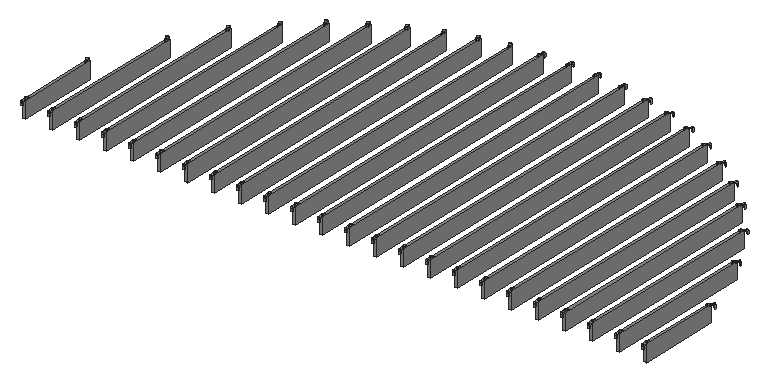
Revit family "Haworth_Pergola_Ceiling_Slat_Radial", category Furniture Systems, Revit 2018
Family settings
  Round Connector Dimension = Use Diameter
  Part Type = Normal
  OmniClass Number = 23.40.70.14.64.21
  OmniClass Title = Systems Furniture
  Work Plane-Based = No
  Always vertical = Yes
  Cut with Voids When Loaded = No
  Shared = No
  Room Calculation Point = No
Parameters (values of type "144w - Full Round")
  Warranty = "http://www.haworth.com/resources/product-info/warranties"
  URL - Product = "https://www.haworth.com/na/en/inspiration/pergola.html"
  URL = "http://www.haworth.com"
  Trim Finish = Haworth _ Paint _ Undecided _ Pergola
  Top Trim Width = 0.500"  # constant formula
  Sustainability Info = "http://www.haworth.com/company-info/sustainablility"
  Standard Radius = "144 in."  # constant formula
  Slat Count = ((Actual Depth - (Ceiling Slat Offset * 2)) / Ceiling Slat Spacing)  # 11
  Slat 9 Width = if([12ft Full Round], 48.734", if([12ft Half Round], 50.686", 14.362"))  # 48.734"
  Slat 8 Width = 54.036"  # constant formula
  Slat 7 Width = 58.202"  # constant formula
  Slat 6 Width = 61.623"  # constant formula
  Slat 5 Width = 64.267"  # constant formula
  Slat 4 Width = 66.290"  # constant formula
  Slat 3 Width = 67.622"  # constant formula
  Slat 2 Width = 68.543"  # constant formula
  Slat 12 Width = if([12ft Full Round], 17.818", if([12ft Half Round], 24.090", 14.362"))  # 17.818"
  Slat 11 Width = if([12ft Full Round], 32.443", if([12ft Half Round], 36.220", 14.362"))  # 32.443"
  Slat 10 Width = if([12ft Full Round], 41.911", if([12ft Half Round], 44.446", 14.362"))  # 41.911"
  Slat 1 Width = if(or([12ft Full Round], [12ft Half Round]), 68.976", 44.988")  # 68.976"
  Model = "Haworth Pergola"  # constant formula
  Min. Depth = 48.000"  # constant formula
  Max. Depth = 144.000"  # constant formula
  Full Round Slats = not([12ft Half Round])  # yes
  12in Slats = or([12ft Full Round], [12ft Half Round])  # yes
  12ft Full Round = yes
  Description = "Haworth - Pergola Ceiling - Slat - Radial"  # constant formula
  Ceiling Slat Spacing = 6.000"  # constant formula
  Ceiling Slat Offset = if(Full Round Slats, 3.000", 5.000")  # 3.000"
  Actual Mounting Height = 95.500" - 3.130"  # 92.370"
  Actual Depth = if([12in Slats], 72.000", 44.000")  # 72.000"
  Size = "Verify Final Dim. w/ Haworth"  # constant formula
  Revision Number = "1"  # constant formula
  Min. Width = 48.000"  # constant formula
  Max. Width = 144.000"  # constant formula
  Min. Height = 96.000"  # constant formula
  Max. Height = 96.000"  # constant formula
  Manufacturer = "Haworth"  # constant formula
  Author = "Haworth (Alias)"  # constant formula
  Assembly Code = "E2020200"
  Actual Width = if([12in Slats], 144.000", 96.000")  # 144.000"
  Actual Height = 3.630"  # constant formula
  12ft Half Round = not([12ft Full Round])  # no
Types (2): name | Slat Count | Slat 9 Width | Slat 12 Width | Slat 11 Width | Slat 10 Width | Full Round Slats | 12ft Full Round | Ceiling Slat Offset | 12ft Half Round
  144w - Full Round | 11 | 48.734" | 17.818" | 32.443" | 41.911" | yes | yes | 3.000" | no
  144w - Half Round | 10 | 50.686" | 24.090" | 36.220" | 44.446" | no | no | 5.000" | yes
Reference planes (in)
  plane 1 "Center F/B": y = -52.705
  plane 2 "Bottom": z = 0
  plane 3 "Center L/R": x = 1.5
  plane 4 "Back": y = -16.705
  plane 5 "Front": y = -88.705
  plane 6 "Right": x = 73.5
  plane 7: x = -70.5
  plane 8 "Glide Top": z = 92.37
  plane 9 "End Slat Left": x = -67.5
  plane 10 "End Slat Right": x = 70.5
  plane 11: x = -43.5
  plane 12: x = -37.5
  plane 13: x = -31.5
  plane 14: x = -25.5
  plane 15: x = -19.5
  plane 16: x = -13.5
  plane 17: x = -7.5
  plane 18: x = -1.5
  plane 19: x = 46.5
  plane 20: x = 40.5
  plane 21: x = 34.5
  plane 22: x = 28.5
  plane 23: x = 22.5
  plane 24: x = 16.5
  plane 25: x = 10.5
  plane 26: x = 4.5
  plane 27: y = -87.899
  plane 28: x = 52.5
  plane 29: x = 58.5
  plane 30: x = 64.5
  plane 31: x = -49.5
  plane 32: x = -55.5
  plane 33: x = -61.5
  plane 34: z = 4.36516
  plane 35: z = 92.37
Dimensions and locks (in)
  locked: plane 4 "Back" to plane 5 "Front" at 72
  equal spacing: plane 7, plane 3 "Center L/R", plane 6 "Right"
  locked: plane 7 to plane 6 "Right" at 144
  "Actual Mounting Height": plane 8 "Glide Top" to level
  equal spacing: plane 4 "Back", plane 1 "Center F/B", plane 5 "Front"
  "Ceiling Slat Offset": plane 9 "End Slat Left" to plane 7
  "Ceiling Slat Offset": plane 10 "End Slat Right" to plane 6 "Right"
  locked: plane 5 "Front" to plane 27 at 0.806
  "Ceiling Slat Spacing": plane 9 "End Slat Left" to plane 33 to plane 32 to plane 31 to plane 11 to plane 12 to plane 13 to plane 14 to plane 15 to plane 16 to plane 17
  "Ceiling Slat Spacing": plane 25 to plane 24 to plane 23 to plane 22 to plane 21 to plane 20 to plane 19 to plane 28 to plane 29 to plane 30 to plane 10 "End Slat Right"
  "Actual Mounting Height": plane 35 to plane 2 "Bottom"
  aligned and locked: level to plane 2 "Bottom"
  aligned and locked: nested 1 to plane 27
  aligned and locked: nested 2 to plane 27
  aligned and locked: nested 3 to plane 27
  aligned and locked: nested 4 to plane 27
  aligned and locked: nested 5 to plane 27
  aligned and locked: nested 6 to plane 27
  aligned and locked: nested 7 to plane 27
  aligned and locked: nested 8 to plane 27
  aligned and locked: nested 9 to plane 27
  aligned and locked: nested 10 to plane 27
  aligned and locked: plane 27 to nested 11
  aligned and locked: plane 27 to nested 12
  aligned and locked: plane 27 to nested 13
  aligned and locked: plane 27 to nested 14
  aligned and locked: plane 27 to nested 15
  aligned and locked: plane 27 to nested 16
  aligned and locked: plane 27 to nested 17
  aligned and locked: plane 27 to nested 18
  aligned and locked: plane 27 to nested 19
  aligned and locked: plane 27 to nested 20
  aligned and locked: nested 24 to plane 27
  aligned and locked: nested 23 to plane 27
  aligned and locked: nested 22 to plane 27
  aligned and locked: nested 21 to plane 27
  aligned and locked: nested 9 to plane 26
  aligned and locked: nested 10 to plane 25
  aligned and locked: nested 11 to plane 24
  aligned and locked: nested 12 to plane 23
  aligned and locked: nested 13 to plane 22
  aligned and locked: nested 14 to plane 21
  aligned and locked: nested 15 to plane 20
  aligned and locked: nested 16 to plane 19
  aligned and locked: nested 17 to plane 28
  aligned and locked: nested 18 to plane 29
  aligned and locked: nested 19 to plane 30
  aligned and locked: plane 10 "End Slat Right" to nested 20
  aligned and locked: nested 24 to plane 9 "End Slat Left"
  aligned and locked: plane 33 to nested 23
  aligned and locked: nested 22 to plane 32
  aligned and locked: nested 21 to plane 31
  aligned and locked: nested 1 to plane 11
  aligned and locked: nested 2 to plane 12
  aligned and locked: nested 3 to plane 13
  aligned and locked: nested 4 to plane 14
  aligned and locked: nested 5 to plane 15
  aligned and locked: nested 6 to plane 16
  aligned and locked: nested 7 to plane 17
  aligned and locked: nested 8 to plane 18
  aligned and locked: nested 24 to plane 35
  aligned and locked: nested 23 to plane 35
  aligned and locked: nested 22 to plane 35
  aligned and locked: nested 21 to plane 35
  aligned and locked: nested 1 to plane 35
  aligned and locked: nested 2 to plane 35
  aligned and locked: nested 3 to plane 35
  aligned and locked: nested 4 to plane 35
  aligned and locked: nested 5 to plane 35
  aligned and locked: nested 6 to plane 35
  aligned and locked: nested 7 to plane 35
  aligned and locked: nested 8 to plane 35
  aligned and locked: nested 9 to plane 35
  aligned and locked: nested 10 to plane 35
  aligned and locked: plane 35 to nested 11
  aligned and locked: plane 35 to nested 12
  aligned and locked: plane 35 to nested 13
  aligned and locked: plane 35 to nested 14
  aligned and locked: plane 35 to nested 15
  aligned and locked: plane 35 to nested 16
  aligned and locked: plane 35 to nested 17
  aligned and locked: plane 35 to nested 18
  aligned and locked: plane 35 to nested 19
  aligned and locked: plane 35 to nested 20
Nested families (in)
  nested 1: "Haworth_Pergola_Ceiling-RadialSlat_PART" at (-43.5, -56.363, 91.87) x (0, -1, 0) z (0, 0, 1), Width <- "Slat 8 Width", type "Angle Slat"
    with Width 54.036", Custom Size yes, Actual Width 54.036"
  nested 2: "Haworth_Pergola_Ceiling-RadialSlat_PART" at (-37.5, -52.197, 91.87) x (0, -1, 0) z (0, 0, 1), Width <- "Slat 7 Width", type "Angle Slat"
    with Width 58.202", Custom Size yes, Actual Width 58.202"
  nested 3: "Haworth_Pergola_Ceiling-RadialSlat_PART" at (-31.5, -48.776, 91.87) x (0, -1, 0) z (0, 0, 1), Width <- "Slat 6 Width", type "Angle Slat"
    with Width 61.623", Custom Size yes, Actual Width 61.623"
  nested 4: "Haworth_Pergola_Ceiling-RadialSlat_PART" at (-25.5, -46.132, 91.87) x (0, -1, 0) z (0, 0, 1), Width <- "Slat 5 Width", type "Angle Slat"
    with Width 64.267", Custom Size yes, Actual Width 64.267"
  nested 5: "Haworth_Pergola_Ceiling-RadialSlat_PART" at (-19.5, -44.109, 91.87) x (0, -1, 0) z (0, 0, 1), Width <- "Slat 4 Width", type "Angle Slat"
    with Width 66.290", Custom Size yes, Actual Width 66.290"
  nested 6: "Haworth_Pergola_Ceiling-RadialSlat_PART" at (-13.5, -42.777, 91.87) x (0, -1, 0) z (0, 0, 1), Width <- "Slat 3 Width", type "Angle Slat"
    with Width 67.622", Custom Size yes, Actual Width 67.622"
  nested 7: "Haworth_Pergola_Ceiling-RadialSlat_PART" at (-7.5, -41.856, 91.87) x (0, -1, 0) z (0, 0, 1), Width <- "Slat 2 Width", type "Straight Slat"
    with Width 68.543", Custom Size yes, Actual Width 68.543"
  nested 8: "Haworth_Pergola_Ceiling-RadialSlat_PART" at (-1.5, -41.423, 91.87) x (0, -1, 0) z (0, 0, 1), visible <- "Full Round Slats", Width <- "Slat 1 Width", type "Straight Slat"
    with Width 68.976", Custom Size yes, Actual Width 68.976"
  nested 9: "Haworth_Pergola_Ceiling-RadialSlat_PART" at (4.5, -41.423, 91.87) x (0, -1, 0) z (0, 0, 1), visible <- "Full Round Slats", Width <- "Slat 1 Width", type "Straight Slat"
    with Width 68.976", Custom Size yes, Actual Width 68.976"
  nested 10: "Haworth_Pergola_Ceiling-RadialSlat_PART" at (10.5, -41.856, 91.87) x (0, -1, 0) z (0, 0, 1), Width <- "Slat 2 Width", type "Straight Slat"
    with Width 68.543", Custom Size yes, Actual Width 68.543"
  nested 11: "Haworth_Pergola_Ceiling-RadialSlat_PART" at (16.5, -42.777, 91.87) x (0, -1, 0) z (0, 0, 1), Width <- "Slat 3 Width", type "Angle Slat"
    with Width 67.622", Custom Size yes, Actual Width 67.622"
  nested 12: "Haworth_Pergola_Ceiling-RadialSlat_PART" at (22.5, -44.109, 91.87) x (0, -1, 0) z (0, 0, 1), Width <- "Slat 4 Width", type "Angle Slat"
    with Width 66.290", Custom Size yes, Actual Width 66.290"
  nested 13: "Haworth_Pergola_Ceiling-RadialSlat_PART" at (28.5, -46.132, 91.87) x (0, -1, 0) z (0, 0, 1), Width <- "Slat 5 Width", type "Angle Slat"
    with Width 64.267", Custom Size yes, Actual Width 64.267"
  nested 14: "Haworth_Pergola_Ceiling-RadialSlat_PART" at (34.5, -48.776, 91.87) x (0, -1, 0) z (0, 0, 1), Width <- "Slat 6 Width", type "Angle Slat"
    with Width 61.623", Custom Size yes, Actual Width 61.623"
  nested 15: "Haworth_Pergola_Ceiling-RadialSlat_PART" at (40.5, -52.197, 91.87) x (0, -1, 0) z (0, 0, 1), Width <- "Slat 7 Width", type "Angle Slat"
    with Width 58.202", Custom Size yes, Actual Width 58.202"
  nested 16: "Haworth_Pergola_Ceiling-RadialSlat_PART" at (46.5, -56.363, 91.87) x (0, -1, 0) z (0, 0, 1), Width <- "Slat 8 Width", type "Angle Slat"
    with Width 54.036", Custom Size yes, Actual Width 54.036"
  nested 17: "Haworth_Pergola_Ceiling-RadialSlat_PART" at (52.5, -61.665, 91.87) x (0, -1, 0) z (0, 0, 1), visible <- "12in Slats", Width <- "Slat 9 Width", type "Angle Slat"
    with Width 48.734", Custom Size yes, Actual Width 48.734"
  nested 18: "Haworth_Pergola_Ceiling-RadialSlat_PART" at (58.5, -68.488, 91.87) x (0, -1, 0) z (0, 0, 1), visible <- "12in Slats", Width <- "Slat 10 Width", type "Angle Slat"
    with Width 41.911", Custom Size yes, Actual Width 41.911"
  nested 19: "Haworth_Pergola_Ceiling-RadialSlat_PART" at (64.5, -77.956, 91.87) x (0, -1, 0) z (0, 0, 1), visible <- "12in Slats", Width <- "Slat 11 Width", type "Angle Slat"
    with Width 32.443", Custom Size yes, Actual Width 32.443"
  nested 20: "Haworth_Pergola_Ceiling-RadialSlat_PART" at (70.5, -92.581, 91.87) x (0, -1, 0) z (0, 0, 1), visible <- "12in Slats", Width <- "Slat 12 Width", type "Angle Slat"
    with Width 17.818", Custom Size yes, Actual Width 17.818"
  nested 21: "Haworth_Pergola_Ceiling-RadialSlat_PART" at (-49.5, -61.665, 91.87) x (0, -1, 0) z (0, 0, 1), visible <- "12in Slats", Width <- "Slat 9 Width", type "Angle Slat"
    with Width 48.734", Custom Size yes, Actual Width 48.734"
  nested 22: "Haworth_Pergola_Ceiling-RadialSlat_PART" at (-55.5, -68.488, 91.87) x (0, -1, 0) z (0, 0, 1), visible <- "12in Slats", Width <- "Slat 10 Width", type "Angle Slat"
    with Width 41.911", Custom Size yes, Actual Width 41.911"
  nested 23: "Haworth_Pergola_Ceiling-RadialSlat_PART" at (-61.5, -77.956, 91.87) x (0, -1, 0) z (0, 0, 1), visible <- "12in Slats", Width <- "Slat 11 Width", type "Angle Slat"
    with Width 32.443", Custom Size yes, Actual Width 32.443"
  nested 24: "Haworth_Pergola_Ceiling-RadialSlat_PART" at (-67.5, -92.581, 91.87) x (0, -1, 0) z (0, 0, 1), visible <- "12in Slats", Width <- "Slat 12 Width", type "Angle Slat"
    with Width 17.818", Custom Size yes, Actual Width 17.818"
Definition of nested family "Haworth_Pergola_Ceiling-RadialSlat_PART"
  Parameters (values of type "Angle Slat")
    Width [instance] = 48.000"
    Warranty = "http://www.haworth.com/resources/product-info/warranties"
    URL - Product = ""
    URL = "http://www.haworth.com"
    Trim Finish = none
    Top Trim Width = 0.500"  # constant formula
    Sustainability Info = "http://www.haworth.com/company-info/sustainablility"
    Straight = not(Angle)  # no
    Standard Length = "48, 72, 96, 120, 144 in."  # constant formula
    Model = "Haworth Pergola"  # constant formula
    Description = "Haworth - Pergola Ceiling - Slat"  # constant formula
    Custom Size [instance] = not(or(Width = 48.000", Width = 72.000", Width = 96.000", Width = 120.000", Width = 144.000"))  # no
    Angle = yes
    Actual Mounting Height = 0.500"
    Actual Depth = 0.590"  # constant formula
    Size = "Verify Final Dim. w/ Haworth"  # constant formula
    Revision Number = "1"  # constant formula
    Min. Width = 14.000"  # constant formula
    Max. Width = 144.000"  # constant formula
    Min. Height = 96.000"  # constant formula
    Max. Height = 96.000"  # constant formula
    Manufacturer = "Haworth"  # constant formula
    Author = "Haworth (Alias)"  # constant formula
    Assembly Code = "E2020200"
    Actual Width [instance] = if(Width < Min. Width, Min. Width, if(Width > Max. Width, Max. Width, Width))  # 48.000"
    Actual Height = 3.630"  # constant formula
  Types (2): name | Straight | Angle
    Angle Slat | no | yes
    Straight Slat | yes | no
  Reference planes (in)
    plane 1 "Center F/B": y = 0
    plane 2 "Bottom": z = 0
    plane 3 "Center L/R": x = 1.5
    plane 4 "Back": y = 0.295
    plane 5 "Front": y = -0.295
    plane 6 "Right": x = 25.5
    plane 7 "Top": z = 4.13
    plane 8: x = -22.5
    plane 9 "Glide Top": z = 0.5
    plane 10: z = 4.36516
    plane 11: z = 4.22972
    plane 12 "Bracket Angle": through (-22.79202, -0.7755, 48) normal (-0.5, 0.866, 0)
  Forms (in)
    Sweep 1, solid, material <- "Trim Finish"
      path origin (0, 0, 4.13) x (-1, 0, 0) y (0, -1, 0)
        loop
          line (22.5, 0) -> (-25.5, 0)
      profile origin (1.5, 0, 4.13) x (0, 1, 0) y (0, 0, 1)
        loop
          line (0.295, -3.63) -> (0.295, 0) -> (-0.295, 0) -> (-0.295, -3.63) -> (0.295, -3.63)
    Sweep 2, solid, material <- "Trim Finish", visible <- "Straight"
      path origin (0, 0, 4.13) x (-1, 0, 0) y (0, -1, 0)
        loop
          line (22.5, 0.25563) -> (22.5, -0.25618)
      profile origin (-22.5, 0.00028, 4.13) x (-1, 0, 0) y (0, 0, 1)
        loop
          line (0.70079, -0.75499) -> (0.80551, -0.75499) -> (0.80551, -0.04528)
          arc (0.80551, -0.04528) -> (0.76304, 0.05725) -> (0.66051, 0.09972) r 0.145
          line (0.66051, 0.09972) -> (-0.79528, 0.09972) -> (-0.79528, -0.005) -> (0.66105, -0.005)
          arc (0.66105, -0.005) -> (0.68915, -0.01664) -> (0.70079, -0.04474) r 0.03974
          line (0.70079, -0.04474) -> (0.70079, -0.75499)
    Sweep 3, solid, material <- "Trim Finish"
      path origin (3, 0, 4.13) x (1, 0, 0) y (0, -1, 0)
        loop
          line (22.5, 0.25563) -> (22.5, -0.25618)
      profile origin (25.5, 0.00028, 4.13) x (-1, 0, 0) y (0, 0, 1)
        loop
          line (-0.70079, -0.75499) -> (-0.70079, -0.04474)
          arc (-0.70079, -0.04474) -> (-0.68915, -0.01664) -> (-0.66105, -0.005) r 0.03974
          line (-0.66105, -0.005) -> (0.79528, -0.005) -> (0.79528, 0.09972) -> (-0.66051, 0.09972)
          arc (-0.66051, 0.09972) -> (-0.76304, 0.05725) -> (-0.80551, -0.04528) r 0.145
          line (-0.80551, -0.04528) -> (-0.80551, -0.75499) -> (-0.70079, -0.75499)
    Extrusion 4, solid, material <- "Trim Finish"
      sketch origin (0, 0, 4.13) x (-1, 0, 0) y (0, -1, 0)
        loop
          circle (21.96063, 0) r 0.23558
      from 0.09972 to 0.23516
    Extrusion 5, solid, material <- "Trim Finish"
      sketch origin (3, 0, 4.13) x (1, 0, 0) y (0, 1, 0)
        loop
          circle (21.96063, 0) r 0.23558
      from 0.09972 to 0.23516
    Sweep 6, solid, material <- "Trim Finish", visible <- "Angle"
      path origin (0, 0, 4.13) x (-1, 0, 0) y (0, -1, 0)
        loop
          line (23.1285, 0.37877) -> (22.87259, 0.82201)
      profile origin (-23.00054, -0.60039, 4.13) x (0.866025, 0.5, 0) y (0, 0, 1)
        loop
          line (-0.03937, -0.74999) -> (-0.03937, -0.04)
          arc (-0.03937, -0.04) -> (-0.02765, -0.01172) -> (0.00063, 0) r 0.04
          line (0.00063, 0) -> (1.44797, 0) -> (1.44797, 0.09972) -> (0.00091, 0.09972)
          arc (0.00091, 0.09972) -> (-0.10163, 0.05725) -> (-0.14409, -0.04528) r 0.145
          line (-0.14409, -0.04528) -> (-0.14409, -0.74999) -> (-0.03937, -0.74999)
  Lines and regions (in)
    Masking region 1
      outline origin (0, 0, 4.13) x (-1, 0, 0) y (0, -1, 0)
        loop
          line (-25.5, 0.295) -> (-25.5, -0.295) -> (22.5, -0.295) -> (22.5, 0.295) -> (-25.5, 0.295)
  Dimensions and locks (in)
    equal spacing: plane 4 "Back", plane 1 "Center F/B", plane 5 "Front"
    "Actual Depth": plane 4 "Back" to plane 5 "Front"
    equal spacing: plane 8, plane 3 "Center L/R", plane 6 "Right"
    "Actual Width": plane 8 to plane 6 "Right"
    "Actual Mounting Height": plane 9 "Glide Top" to level
    "Actual Height": plane 7 "Top" to plane 9 "Glide Top"
    locked: plane 4 "Back" to Sweep 2 sketch curve at 0.03882
    locked: Sweep 2 sketch curve to plane 5 "Front" at 0.03937
    locked: plane 4 "Back" to Sweep 3 sketch curve at 0.03882
    locked: Sweep 3 sketch curve to plane 5 "Front" at 0.03937
    plane 10 to plane 11 to plane 7 "Top" = 0.13543" locked, 0.09972" locked
    locked: plane 8 to Extrusion 4 sketch curve at 0.53937
    locked: Extrusion 5 sketch curve to plane 6 "Right" at 0.53937
    aligned and locked: level to plane 2 "Bottom"
    aligned and locked: plane 1 "Center F/B" to Sweep 1 sketch curve
    aligned and locked: plane 9 "Glide Top" to Sweep 1 sketch curve
    aligned and locked: Sweep 1 sketch curve to plane 4 "Back"
    aligned and locked: plane 5 "Front" to Sweep 1 sketch curve
    aligned and locked: profile plane to Sweep 1 sketch curve
    aligned and locked: plane 6 "Right" to Sweep 1 sketch curve
    aligned and locked: plane 8 to Sweep 1 sketch curve
    aligned and locked: Sweep 2 sketch curve to plane 8
    aligned and locked: plane 6 "Right" to Sweep 3 sketch curve
    aligned and locked: Masking region 1 sketch curve to plane 8
    aligned and locked: Masking region 1 sketch curve to plane 4 "Back"
    aligned and locked: plane 5 "Front" to Masking region 1 sketch curve
    aligned and locked: Masking region 1 sketch curve to plane 6 "Right"
    aligned and locked: plane 1 "Center F/B" to Extrusion 4 sketch curve
    aligned and locked: plane 11 to Extrusion 4
    aligned and locked: plane 10 to Extrusion 4
    aligned and locked: plane 1 "Center F/B" to Extrusion 5 sketch curve
    aligned and locked: plane 11 to Extrusion 5
    aligned and locked: plane 10 to Extrusion 5
  Automatic sketch dimensions
    plane 7 "Top" to Sweep 2 sketch curve = 0.09972"
    profile plane to Sweep 2 sketch curve = 0.79528"
    Sweep 2 sketch curve to plane 7 "Top" = 0.04528"
    Sweep 2 sketch curve to profile plane = 0.66051"
    Sweep 2 sketch curve to plane 7 "Top" = 0.005"
    Sweep 2 sketch curve to Sweep 2 sketch curve = 0.00053"
    Sweep 2 sketch curve to Sweep 2 sketch curve = 0.03974"
    Sweep 2 sketch curve to Sweep 2 sketch curve = 0.71025"
    profile plane to Sweep 3 sketch curve = 0.80551"
    Sweep 3 sketch curve to Sweep 3 sketch curve = 0.10472"
    Sweep 3 sketch curve to plane 7 "Top" = 0.005"
    Sweep 3 sketch curve to Sweep 3 sketch curve = 0.03974"
    Sweep 3 sketch curve to Sweep 3 sketch curve = 0.00053"
    plane 7 "Top" to Sweep 3 sketch curve = 0.09972"
    Sweep 3 sketch curve to profile plane = 0.79528"
    Sweep 3 sketch curve to Sweep 3 sketch curve = 0.71025"
    profile plane to Sweep 6 sketch curve = 0.14409"
    plane 7 "Top" to Sweep 6 sketch curve = 0.09972"
    Sweep 6 sketch curve to Sweep 6 sketch curve = 0.04028"
    Sweep 6 sketch curve to Sweep 6 sketch curve = 0.00028"
    Sweep 6 sketch curve to Sweep 6 sketch curve = 0.00528"
    Sweep 6 sketch curve to Sweep 6 sketch curve = 0.70472"
    Sweep 6 sketch curve to profile plane = 1.44797"
    Sweep 6 sketch curve to plane 7 "Top" = 0.000"
    radius of Extrusion 4 sketch curve = 0.23558"
    radius of Extrusion 5 sketch curve = 0.23558"
